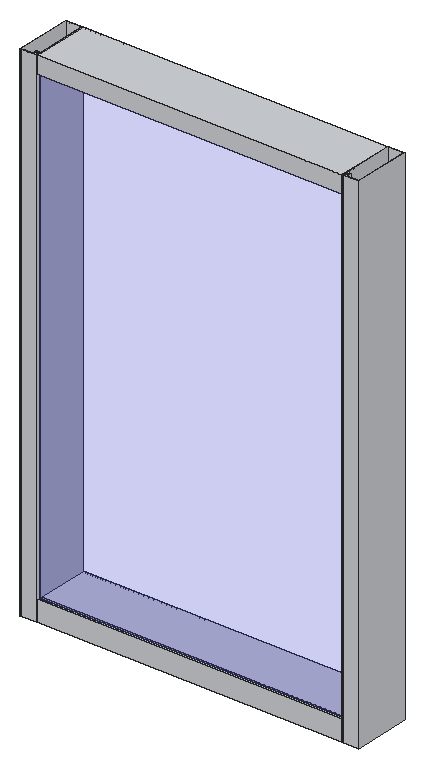
Revit family "Hastings 150mm Front Glazed Framing", category Windows, host Wall, Revit 2021
Family settings
  Host = Wall
  OmniClass Number = 23.30.20.00
  OmniClass Title = Windows
  Always vertical = Yes
  Cut with Voids When Loaded = No
  Shared = No
  Room Calculation Point = No
Parameters
  Single Glazed [instance] = yes
  Rough Width = 0 mm  # constant formula
  Rough Height = 0 mm  # constant formula
  Height [instance] = 1500 mm
  Double Glazed [instance] = not(Single Glazed)  # no
  Default Sill Height = 800 mm
  Wall Closure = By host
  Width [instance] = 1000 mm
Reference planes
  plane 1 "Center (Front/Back)": y = 0
  plane 2 "Center (Left/Right)": x = 0
  plane 3 "Left": x = -500
  plane 4 "Right": x = 500
  plane 5 "Sill": z = 800
  plane 6 "Head": z = 2300
  plane 7 "Exterior": y = 100
  plane 8 "Interior": y = -100
Lines and regions (mm)
  Opening 1
    outline origin (3500, -100, 0) x (1, 0, 0) y (0, 0, 1)
      loop
        line (-3000, 800) -> (-3000, 2300) -> (-4000, 2300) -> (-4000, 800) -> (-3000, 800)
Text (mm)
  text "Exterior" at (-1963.203, 1332.353, 0), in view "Ref. Level"
  text "Interior" at (-1981.466, -818.386, 0), in view "Ref. Level"
  text "Exterior" at (0, 923.751, 2943.296), in view "Right"
  text "Exterior" at (0, 1040.484, 2685.409), in view "Left"
Dimensions and locks
  equal spacing: plane 3 "Left", plane 2 "Center (Left/Right)", plane 4 "Right"
  "Width": plane 3 "Left" to plane 4 "Right"
  "Height": plane 5 "Sill" to plane 6 "Head"
  "Default Sill Height": plane 5 "Sill" to level
  locked: plane 7 "Exterior" to host wall
  locked: plane 8 "Interior" to host wall
  aligned and locked: nested 1 to plane 4 "Right"
  aligned and locked: nested 1 to plane 3 "Left"
  aligned and locked: host wall to nested 1
  aligned and locked: nested 1 to plane 6 "Head"
  aligned and locked: nested 1 to plane 5 "Sill"
Automatic sketch dimensions
  Opening 1 sketch curve to plane 3 "Left" = 0 mm
  Opening 1 sketch curve to plane 4 "Right" = 0 mm
  Opening 1 sketch curve to plane 5 "Sill" = 0 mm
  Opening 1 sketch curve to plane 6 "Head" = 0 mm
Nested families
  nested 1: "Hastings 150mm Front Glazed Framing" at (0, -0.979, 411.318), type "Hastings 150mm Front Glazed Framing"
    with Width 1000 mm, Height 1500 mm, Glass Thk Control 6 mm, Glass Thickness 6 mm, Glass Glass, Frame Material none
Definition of nested family "Hastings 150mm Front Glazed Framing"
  Parameters (values of type "Hastings 150mm Front Glazed Framing")
    Width [instance] = 750 mm
    URL = "https://www.alspec.com.au/derwent-76mm-centre-pocket-framing"
    Manufacturer = "ALSPEC"
    Jamb Thickness = 50 mm  # constant formula
    Height [instance] = 750 mm
    Glass Thk Control [instance] = if(Glass Thickness > 14 mm, 14 mm, if(Glass Thickness < 4 mm, 4 mm, Glass Thickness))  # 6 mm
    Glass Thickness [instance] = 6 mm
    Glass [instance] = none
    Frame Material [instance] = none
    Designer = "Viraj Mhatre"
    Default Elevation = 0 mm
  Reference planes
    plane 1 "Center (Front/Back)": y = 0.979
    plane 2: z = 368.682
    plane 3 "Center (Left/Right)": x = 0
    plane 4 "Head Top": z = 1138.682
    plane 5 "Sill Bottom": z = 388.682
    plane 6: x = -375
    plane 7: x = -325
    plane 8: x = 325
    plane 9: x = 375
    plane 10: y = 3.979
    plane 11: y = -2.021
  Forms (mm)
    Extrusion 1, solid, material <- "Glass"
      sketch origin (0, 0, 368.682) x (1, 0, 0) y (0, 1, 0)
        loop
          line (-337, 3.979) -> (-337, -2.021) -> (337, -2.021) -> (337, 3.979) -> (-337, 3.979)
      from 68.5 to 732
    Sweep 2, solid, material <- "Frame Material"
      path origin (0, 0, 368.682) x (1, 0, 0) y (0, 1, 0)
        loop
          line (-325, 3.905) -> (-325, 160.305) -> (-375, 160.305) -> (-375, -9.195) -> (-325, -9.195) -> (-325, -1.946) -> (-337, -1.946) -> (-337, 3.905) -> (-325, 3.905)
      profile origin (-325, 82.105, 368.682) x (-1, 0, 0) y (0, 0, 1)
        loop
          line (0, 20) -> (2, 20) -> (2, 770) -> (0, 770) -> (0, 20)
    Sweep 3, solid, material <- "Frame Material"
      path origin (0, 0, 368.682) x (1, 0, 0) y (0, 1, 0)
        loop
          line (325, 3.905) -> (337, 3.905) -> (337, -1.946) -> (325, -1.946) -> (325, -9.195) -> (375, -9.195) -> (375, 160.305) -> (325, 160.305) -> (325, 3.905)
      profile origin (325, 82.105, 368.682) x (-1, 0, 0) y (0, 0, 1)
        loop
          line (0, 20) -> (0, 770) -> (-2, 770) -> (-2, 20) -> (0, 20)
    Sweep 4, solid, material <- "Frame Material"
      path origin (0, 0, 0) x (0, 1, 0) y (0, 0, 1)
        loop
          line (3.905, 1088.682) -> (160.305, 1088.682) -> (160.305, 1138.682) -> (-9.195, 1138.682) -> (-9.195, 1088.682) -> (-1.946, 1088.682) -> (-1.946, 1100.682) -> (3.905, 1100.682) -> (3.905, 1088.682)
      profile origin (0, 82.105, 1088.682) x (0, 0, 1) y (1, 0, 0)
        loop
          line (0, -325) -> (2, -325) -> (2, 325) -> (0, 325) -> (0, -325)
    Sweep 5, solid, material <- "Frame Material"
      path origin (0, 0, 0) x (0, 1, 0) y (0, 0, 1)
        loop
          line (169.055, 388.682) -> (169.055, 418.682) -> (160.305, 418.682) -> (160.305, 449.182) -> (3.905, 449.182) -> (3.905, 437.182) -> (-1.946, 437.182) -> (-1.946, 449.182) -> (-9.195, 449.182) -> (-9.195, 388.682) -> (169.055, 388.682)
      profile origin (0, 79.93, 388.682) x (0, 0, -1) y (1, 0, 0)
        loop
          line (0, -325) -> (0, 325) -> (-2, 325) -> (-2, -325) -> (0, -325)
  Dimensions and locks
    "Height": plane 4 "Head Top" to plane 5 "Sill Bottom"
    "Jamb Thickness": plane 6 to plane 7
    "Jamb Thickness": plane 8 to plane 9
    equal spacing: plane 10, plane 1 "Center (Front/Back)", plane 11
    "Glass Thickness": plane 10 to plane 11
    equal spacing: plane 6, plane 3 "Center (Left/Right)", plane 9
    "Width": plane 6 to plane 9
    locked: plane 5 "Sill Bottom" to level at 20
    aligned and locked: level to plane 2
    aligned and locked: Extrusion 1 sketch curve to plane 10
    aligned and locked: plane 11 to Extrusion 1 sketch curve
    aligned and locked: plane 1 "Center (Front/Back)" to import instance  (x2)
    aligned and locked: plane 6 to import instance
    aligned and locked: import instance to plane 1 "Center (Front/Back)"  (x2)
    aligned and locked: plane 9 to import instance
    aligned and locked: plane 4 "Head Top" to import instance
    aligned and locked: import instance to plane 5 "Sill Bottom"
    aligned and locked: Sweep 2 sketch curve to import instance  (x7)
    aligned and locked: import instance to Sweep 2 sketch curve
    aligned and locked: Sweep 3 sketch curve to import instance  (x7)
    aligned and locked: import instance to Sweep 3 sketch curve
    aligned and locked: Sweep 4 sketch curve to import instance  (x7)
    aligned and locked: import instance to Sweep 4 sketch curve
    aligned and locked: Sweep 5 sketch curve to import instance  (x9)
    aligned and locked: import instance to Sweep 5 sketch curve
    aligned and locked: plane 5 "Sill Bottom" to Sweep 2 sketch curve
    aligned and locked: Sweep 2 sketch curve to plane 4 "Head Top"
    aligned and locked: plane 4 "Head Top" to Sweep 3 sketch curve
    aligned and locked: Sweep 3 sketch curve to plane 5 "Sill Bottom"
    aligned and locked: plane 7 to Sweep 4 sketch curve
    aligned and locked: Sweep 4 sketch curve to plane 8
    aligned and locked: plane 7 to Sweep 5 sketch curve
    aligned and locked: Sweep 5 sketch curve to plane 8
    aligned and locked: Extrusion 1 to Sweep 4
    aligned and locked: Extrusion 1 to Sweep 5
    aligned and locked: Extrusion 1 to Sweep 2
    aligned and locked: Extrusion 1 to Sweep 3
  Automatic sketch dimensions
    Extrusion 1 sketch curve to plane 7 = 12 mm
    plane 8 to Extrusion 1 sketch curve = 12 mm
    Sweep 2 sketch curve to profile plane = 0 mm
    Sweep 2 sketch curve to profile plane = 2 mm
    Sweep 3 sketch curve to profile plane = 0 mm
    profile plane to Sweep 3 sketch curve = 2 mm
    Sweep 4 sketch curve to profile plane = 0 mm
    Sweep 4 sketch curve to profile plane = 2 mm
    Sweep 5 sketch curve to profile plane = 0 mm
    profile plane to Sweep 5 sketch curve = 2 mm
